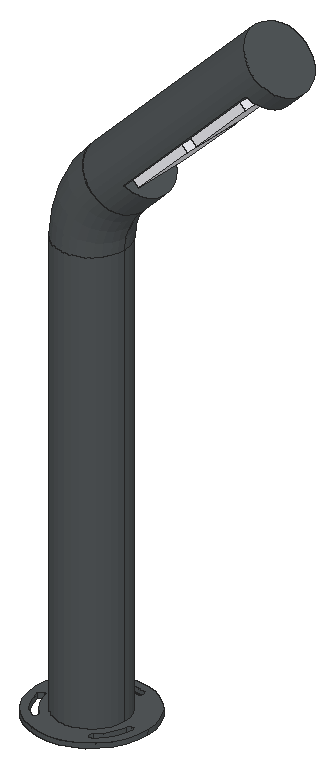
Revit family "Дио_мини", category Осветительные приборы, Revit 2019 (continued)
Parameters (values of type "ДТУ932 Светодиодный светильник Дио мини ДТУ-93-AF-12Вт-0,9")
    7.0 255.3 253.9 252.2 250.4 248.9 247.2 245.7 244.0 242.1 240.1 237.8 235.0 232.4 229.9 227.5 225.5 223.6 221.6\r\n 219.6 217.8 216.3 214.8 213.4 211.9 210.4 208.8 207.2 205.3 203.2 200.8 198.4 195.8 192.8 189.8 186.5 183.0 179.4 175.5 171.5\r\n 167.7 164.0 160.4 156.9 153.4 150.2 147.2 144.4 141.5 138.7 135.6 132.5 129.6 127.0 124.4 122.1 119.7 117.5 115.5 113.7 111.8\r\n 109.9 108.0 106.0 103.9 101.9 99.6 97.1 94.6 92.1 89.7 87.2 85.1 83.0 81.0 79.0 77.0 75.1 73.0 71.0 68.9 66.9 64.7 62.8 60.7 59.1\r\n 57.3 55.8 54.0 52.7 51.2 50.0 48.8 47.8 46.8 46.1 45.3 44.6 43.9 43.3 42.7 42.2 41.5 40.9 40.3 39.7 39.0 38.2 37.6 36.9 36.4 35.8\r\n 35.3 34.9 34.3 34.0 33.4 33.0 32.6 32.2 32.2 31.9 31.7 31.6 31.4 31.7 32.4 33.3 34.8 36.5 38.3 40.9 43.7 46.7 49.9 52.8 54.7 55.7\r\n 55.6 55.1 54.5 54.4 55.4 56.5 56.9 57.2 57.5 57.8 58.5 59.2 59.5 59.0 58.3 57.7 57.0 56.8 56.7 56.5 56.1 55.0 53.5 51.7 49.5 46.8\r\n 43.3 39.1 35.3 32.1 29.3 27.0 25.0 23.1 21.2 18.6 15.7 13.0 10.6 8.8 7.7 6.9 6.2 5.5 4.9 4.4 3.8 3.4 2.8 2.2 1.8 1.6 1.5 1.4 1.4\r\n 1.3 1.3 1.2 1.2 1.2 1.1 0.2 0.0 0.0 0.0 0.0 0.0 0.0 0.0 0.0 0.0 0.0 0.0 0.0 0.0 0.0 0.0 0.0 0.0 0.0 0.0 0.0 0.0 0.0 0.0 0.0 0.0\r\n 0.0 0.0 0.0 0.0 0.0 0.0 0.0 0.0 0.0 0.0 0.0 0.0 0.0 0.0 0.0 0.0 0.0 0.0 0.0 0.0 0.0 0.0 0.0 0.0 0.0 0.0 0.0 0.0 0.0 0.0 0.0 0.0\r\n 0.0 0.0 0.0 0.0 0.0 0.0 0.0 0.0 0.0 0.0 0.0 0.0 0.0 0.0 0.0 0.0 0.0 0.0 0.0 0.0 0.0 0.0 0.0 0.0 0.0 0.0 0.0 0.0 0.0 0.0 0.0 0.0\r\n 0.0 0.0 0.0 0.0 0.0 0.0 0.0 0.0 0.0 0.0 0.0 0.0 0.0 0.0 0.0 0.0 0.0 0.0 0.0 0.0 0.0 0.0 0.0 0.0 0.0 0.0 0.0 0.0 0.0 0.0 0.0 0.0\r\n 0.0 0.0 0.0 0.0 0.0 0.0 0.0 0.0 0.0 0.0 0.0 0.0 0.0 0.0 0.0 0.0 0.0 0.0 0.0 0.0 0.0 0.0 0.0 0.0 0.0 0.0 0.0 0.0 0.0 0.0 0.0 0.0\r\n 0.0 0.0 0.0 0.0 0.0 0.0\r\n258.3 258.2 256.9 255.4 254.0 252.5 251.0 249.5 247.9 246.5 244.9 243.3 241.5 239.5 237.4 234.8 232.4 230.1 227.9 225.8 224.0\r\n 222.2 220.3 218.6 216.9 215.5 214.1 212.7 211.3 210.0 208.5 207.1 205.4 203.6 201.7 199.5 197.3 194.9 192.2 189.4 186.5 183.2\r\n 179.9 176.5 173.1 169.6 166.2 162.8 159.5 156.5 153.6 150.8 148.2 145.6 143.1 140.6 138.1 135.6 132.8 130.1 127.8 125.6 123.5\r\n 121.5 119.7 118.0 116.3 114.6 112.8 110.8 108.8 106.6 104.2 101.8 99.4 96.9 94.7 92.4 90.2 88.2 86.1 84.3 82.4 80.6 78.8 76.8\r\n 74.9 73.0 71.0 69.2 67.3 65.5 63.7 62.0 60.4 58.8 57.4 55.9 54.9 53.7 53.0 52.0 51.5 51.0 50.5 49.9 49.3 48.8 48.4 48.1 47.6 47.2\r\n 46.5 45.8 45.1 44.4 43.9 43.3 43.1 42.6 42.4 42.0 42.0 41.7 41.7 41.6 41.4 41.5 41.3 41.4 41.4 41.3 41.8 42.3 43.6 45.5 47.2 49.5\r\n 51.9 54.5 57.9 61.3 64.1 65.2 65.5 65.5 65.2 64.4 63.4 62.3 61.7 61.3 60.8 59.9 59.2 58.4 57.5 56.7 55.9 55.0 54.0 52.8 51.7 50.3\r\n 48.7 47.0 44.5 41.0 37.3 34.4 31.8 29.5 27.5 25.4 23.1 20.7 18.0 15.0 11.8 9.1 7.5 6.6 5.9 5.3 4.7 4.2 3.8 3.4 3.1 2.8 2.4 2.0\r\n 1.8 1.7 1.7 1.7 1.6 1.6 1.6 1.6 1.6 0.3 0.0 0.0 0.0 0.0 0.0 0.0 0.0 0.0 0.0 0.0 0.0 0.0 0.0 0.0 0.0 0.0 0.0 0.0 0.0 0.0 0.0 0.0\r\n 0.0 0.0 0.0 0.0 0.0 0.0 0.0 0.0 0.0 0.0 0.0 0.0 0.0 0.0 0.0 0.0 0.0 0.0 0.0 0.0 0.0 0.0 0.0 0.0 0.0 0.0 0.0 0.0 0.0 0.0 0.0 0.0\r\n 0.0 0.0 0.0 0.0 0.0 0.0 0.0 0.0 0.0 0.0 0.0 0.0 0.0 0.0 0.0 0.0 0.0 0.0 0.0 0.0 0.0 0.0 0.0 0.0 0.0 0.0 0.0 0.0 0.0 0.0 0.0 0.0\r\n 0.0 0.0 0.0 0.0 0.0 0.0 0.0 0.0 0.0 0.0 0.0 0.0 0.0 0.0 0.0 0.0 0.0 0.0 0.0 0.0 0.0 0.0 0.0 0.0 0.0 0.0 0.0 0.0 0.0 0.0 0.0 0.0\r\n 0.0 0.0 0.0 0.0 0.0 0.0 0.0 0.0 0.0 0.0 0.0 0.0 0.0 0.0 0.0 0.0 0.0 0.0 0.0 0.0 0.0 0.0 0.0 0.0 0.0 0.0 0.0 0.0 0.0 0.0 0.0 0.0\r\n 0.0 0.0 0.0 0.0 0.0 0.0 0.0 0.0 0.0\r\n258.3 258.1 256.9 255.5 254.2 252.8 251.5 250.0 248.6 247.3 245.9 244.3 242.8 241.1 239.2 237.2 234.9 232.5 230.4 228.3 226.5\r\n 224.6 222.8 221.1 219.4 217.8 216.2 214.9 213.7 212.6 211.3 210.1 208.8 207.5 206.0 204.6 202.9 201.1 199.3 197.2 194.9 192.5\r\n 190.0 187.4 184.9 182.1 179.1 176.2 173.2 170.2 167.3 164.6 161.9 159.3 156.7 154.2 151.8 149.6 147.4 145.1 142.8 140.6 138.4\r\n 136.0 133.6 131.4 129.2 127.2 125.8 124.2 122.8 121.3 119.9 118.2 116.7 114.9 113.1 111.3 109.4 107.5 105.8 104.0 102.2 100.3\r\n 98.6 96.8 95.0 93.4 91.7 89.9 88.2 86.6 85.0 83.5 82.0 80.7 79.6 78.3 77.5 76.7 75.7 74.8 73.7 72.7 71.8 71.0 70.4 69.6 69.0 68.2\r\n 67.5 66.8 66.2 65.8 65.2 64.9 64.4 64.1 63.6 63.5 63.1 63.0 62.7 62.7 62.5 62.6 62.4 62.5 62.4 62.8 62.9 63.3 63.5 63.7 64.0 64.1\r\n 64.5 64.8 65.6 66.4 67.1 68.9 70.1 71.3 72.5 73.5 74.7 75.9 77.2 78.0 77.8 76.9 75.5 73.1 70.7 68.2 65.1 61.9 59.2 57.1 55.5 53.5\r\n 50.8 47.8 44.9 42.1 39.5 37.1 34.6 31.8 29.2 27.4 25.9 24.1 22.0 19.7 17.3 14.5 11.2 8.5 6.8 6.0 5.4 4.8 4.4 4.0 3.6 3.2 3.0 2.9\r\n 2.7 2.5 2.3 2.2 2.1 2.1 2.1 2.2 2.2 2.2 1.9 0.2 0.0 0.0 0.0 0.0 0.0 0.0 0.0 0.0 0.0 0.0 0.0 0.0 0.0 0.0 0.0 0.0 0.0 0.0 0.0 0.0\r\n 0.0 0.0 0.0 0.0 0.0 0.0 0.0 0.0 0.0 0.0 0.0 0.0 0.0 0.0 0.0 0.0 0.0 0.0 0.0 0.0 0.0 0.0 0.0 0.0 0.0 0.0 0.0 0.0 0.0 0.0 0.0 0.0\r\n 0.0 0.0 0.0 0.0 0.0 0.0 0.0 0.0 0.0 0.0 0.0 0.0 0.0 0.0 0.0 0.0 0.0 0.0 0.0 0.0 0.0 0.0 0.0 0.0 0.0 0.0 0.0 0.0 0.0 0.0 0.0 0.0\r\n 0.0 0.0 0.0 0.0 0.0 0.0 0.0 0.0 0.0 0.0 0.0 0.0 0.0 0.0 0.0 0.0 0.0 0.0 0.0 0.0 0.0 0.0 0.0 0.0 0.0 0.0 0.0 0.0 0.0 0.0 0.0 0.0\r\n 0.0 0.0 0.0 0.0 0.0 0.0 0.0 0.0 0.0 0.0 0.0 0.0 0.0 0.0 0.0 0.0 0.0 0.0 0.0 0.0 0.0 0.0 0.0 0.0 0.0 0.0 0.0 0.0 0.0 0.0 0.0 0.0\r\n 0.0 0.0 0.0 0.0 0.0 0.0 0.0 0.0 0.0 0.0 0.0\r\n258.3 258.1 256.9 255.7 254.5 253.2 252.0 250.8 249.5 248.3 246.9 245.6 244.3 242.8 241.3 239.6 237.8 235.8 233.7 231.7 229.7\r\n 227.8 226.1 224.3 222.7 221.3 219.7 218.3 216.9 215.7 214.5 213.4 212.3 211.2 210.1 209.0 208.0 206.8 205.5 204.1 202.6 201.1\r\n 199.5 197.7 196.1 194.2 192.2 190.2 188.0 185.8 183.6 181.3 179.1 176.9 174.5 172.1 169.8 167.5 165.3 163.1 160.9 158.7 156.5\r\n 154.6 152.8 150.9 149.3 147.6 145.9 144.4 142.7 141.1 139.7 138.3 136.9 135.6 134.5 133.4 132.2 131.3 130.1 128.8 127.4 126.0\r\n 124.6 123.0 121.3 119.8 118.2 116.7 115.2 113.7 112.3 111.2 110.2 109.3 108.5 107.9 107.0 106.0 104.8 103.6 102.7 101.7 100.5\r\n 99.2 97.9 96.7 95.5 94.6 93.9 93.3 92.9 92.6 92.4 92.4 92.2 92.3 92.3 92.3 92.5 92.8 93.1 93.2 93.5 93.6 93.8 93.9 93.9 93.9 94.0\r\n 94.1 94.4 94.6 94.7 95.0 95.3 95.5 95.4 95.2 94.8 94.4 93.7 92.5 91.1 89.3 87.1 84.6 81.5 78.9 76.3 73.7 71.3 69.2 67.2 65.1 62.7\r\n 60.3 58.1 55.6 53.1 50.8 48.8 46.7 44.6 42.5 40.9 39.3 37.6 36.1 34.3 32.0 29.6 27.0 24.3 21.9 19.8 17.5 14.5 11.3 8.7 7.4 6.4\r\n 5.4 4.5 3.9 3.5 3.2 3.0 2.8 2.8 2.8 2.6 2.5 2.4 2.4 2.4 2.5 2.7 2.7 2.3 0.3 0.0 0.0 0.0 0.0 0.0 0.0 0.0 0.0 0.0 0.0 0.0 0.0 0.0\r\n 0.0 0.0 0.0 0.0 0.0 0.0 0.0 0.0 0.0 0.0 0.0 0.0 0.0 0.0 0.0 0.0 0.0 0.0 0.0 0.0 0.0 0.0 0.0 0.0 0.0 0.0 0.0 0.0 0.0 0.0 0.0 0.0\r\n 0.0 0.0 0.0 0.0 0.0 0.0 0.0 0.0 0.0 0.0 0.0 0.0 0.0 0.0 0.0 0.0 0.0 0.0 0.0 0.0 0.0 0.0 0.0 0.0 0.0 0.0 0.0 0.0 0.0 0.0 0.0 0.0\r\n 0.0 0.0 0.0 0.0 0.0 0.0 0.0 0.0 0.0 0.0 0.0 0.0 0.0 0.0 0.0 0.0 0.0 0.0 0.0 0.0 0.0 0.0 0.0 0.0 0.0 0.0 0.0 0.0 0.0 0.0 0.0 0.0\r\n 0.0 0.0 0.0 0.0 0.0 0.0 0.0 0.0 0.0 0.0 0.0 0.0 0.0 0.0 0.0 0.0 0.0 0.0 0.0 0.0 0.0 0.0 0.0 0.0 0.0 0.0 0.0 0.0 0.0 0.0 0.0 0.0\r\n 0.0 0.0 0.0 0.0 0.0 0.0 0.0 0.0 0.0 0.0 0.0 0.0 0.0 0.0 0.0 0.0 0.0 0.0\r\n258.3 258.0 257.0 255.8 254.8 253.8 252.6 251.6 250.3 249.3 247.9 246.8 245.6 244.3 243.0 241.6 240.2 238.6 237.1 235.2 233.4\r\n 231.6 229.7 228.1 226.5 225.0 223.6 222.3 221.0 219.6 218.3 217.0 215.9 214.8 213.9 213.1 212.0 211.1 210.2 209.2 208.3 207.4\r\n 206.3 205.3 204.1 203.0 201.8 200.4 199.3 197.9 196.7 195.2 193.8 192.3 190.8 189.2 187.6 186.0 184.4 182.8 181.1 179.4 177.9\r\n 176.3 174.8 173.2 171.7 170.1 168.7 167.2 165.9 164.5 163.3 162.1 160.9 159.7 158.7 157.6 156.6 155.7 155.0 154.1 153.3 152.4\r\n 151.4 150.3 149.1 148.1 147.1 145.8 144.7 143.8 142.8 142.0 141.7 140.9 140.1 139.1 138.0 137.0 136.2 135.3 134.3 133.3 132.2\r\n 131.4 130.9 130.4 129.8 129.5 129.2 128.8 128.5 128.3 128.0 127.9 127.9 128.0 128.1 128.1 128.1 128.2 128.4 128.3 128.2 128.0\r\n 127.3 126.9 126.4 126.1 126.1 126.2 126.5 126.6 126.9 127.1 127.6 127.7 127.1 126.3 125.0 123.5 121.6 119.4 116.8 113.5 110.0\r\n 106.0 101.6 97.1 92.8 88.0 82.3 76.1 69.5 64.0 59.4 55.8 52.6 49.3 46.3 43.8 41.5 39.1 36.7 34.5 32.3 30.1 27.9 25.6 23.7 22.1\r\n 20.7 19.1 17.2 15.3 13.5 11.8 10.2 8.7 7.4 6.4 5.6 4.9 4.2 3.8 3.3 3.0 2.9 2.8 2.7 2.7 2.6 2.6 2.5 2.5 2.5 2.7 2.9 3.0 2.6 0.3\r\n 0.0 0.0 0.0 0.0 0.0 0.0 0.0 0.0 0.0 0.0 0.0 0.0 0.0 0.0 0.0 0.0 0.0 0.0 0.0 0.0 0.0 0.0 0.0 0.0 0.0 0.0 0.0 0.0 0.0 0.0 0.0 0.0\r\n 0.0 0.0 0.0 0.0 0.0 0.0 0.0 0.0 0.0 0.0 0.0 0.0 0.0 0.0 0.0 0.0 0.0 0.0 0.0 0.0 0.0 0.0 0.0 0.0 0.0 0.0 0.0 0.0 0.0 0.0 0.0 0.0\r\n 0.0 0.0 0.0 0.0 0.0 0.0 0.0 0.0 0.0 0.0 0.0 0.0 0.0 0.0 0.0 0.0 0.0 0.0 0.0 0.0 0.0 0.0 0.0 0.0 0.0 0.0 0.0 0.0 0.0 0.0 0.0 0.0\r\n 0.0 0.0 0.0 0.0 0.0 0.0 0.0 0.0 0.0 0.0 0.0 0.0 0.0 0.0 0.0 0.0 0.0 0.0 0.0 0.0 0.0 0.0 0.0 0.0 0.0 0.0 0.0 0.0 0.0 0.0 0.0 0.0\r\n 0.0 0.0 0.0 0.0 0.0 0.0 0.0 0.0 0.0 0.0 0.0 0.0 0.0 0.0 0.0 0.0 0.0 0.0 0.0 0.0 0.0 0.0 0.0 0.0 0.0 0.0 0.0 0.0 0.0 0.0 0.0\r\n258.3 258.0 257.1 256.1 255.2 254.4 253.4 252.4 251.5 250.4 249.3 248.3 247.3 246.1 244.9 243.8 242.7 241.4 240.2 238.9 237.5\r\n 236.0 234.4 232.9 231.3 229.8 228.4 227.1 225.7 224.5 223.4 222.1 221.1 219.9 218.9 217.8 216.8 215.9 215.1 214.3 213.7 213.0\r\n 212.1 211.4 210.8 210.2 209.4 208.8 208.2 207.6 206.9 206.4 205.9 205.3 204.7 204.1 203.3 202.7 202.0 201.4 200.5 199.9 199.0\r\n 198.2 197.3 196.6 195.6 194.7 193.9 192.9 192.1 191.1 190.1 189.2 188.4 187.6 186.8 186.1 185.4 184.6 184.0 183.5 182.9 182.3\r\n 181.6 181.2 181.0 180.9 180.6 180.6 180.5 180.3 180.4 180.2 179.7 178.9 178.1 177.3 176.5 175.8 174.9 173.9 172.9 172.1 171.5\r\n 170.9 170.4 169.9 169.6 169.5 169.7 169.8 169.8 169.7 169.6 169.8 170.0 170.3 170.8 171.4 171.8 172.0 171.9 171.8 171.5 171.1\r\n 171.0 170.7 170.2 169.7 169.2 168.7 168.1 167.8 167.5 167.3 167.0 166.5 165.3 163.8 161.4 158.4 154.9 150.3 145.5 140.1 134.4\r\n 128.6 122.6 116.1 109.6 103.2 96.8 91.0 84.8 78.1 71.0 64.3 59.0 54.3 49.3 44.6 40.7 37.9 35.5 32.9 30.0 27.2 24.1 20.9 17.7 15.3\r\n 13.8 12.5 11.2 9.9 8.8 7.7 6.9 6.3 5.7 5.1 4.6 4.1 3.7 3.3 3.0 2.8 2.7 2.6 2.6 2.6 2.6 2.6 2.6 2.6 2.7 2.8 2.9 3.0 2.6 0.3 0.0\r\n 0.0 0.0 0.0 0.0 0.0 0.0 0.0 0.0 0.0 0.0 0.0 0.0 0.0 0.0 0.0 0.0 0.0 0.0 0.0 0.0 0.0 0.0 0.0 0.0 0.0 0.0 0.0 0.0 0.0 0.0 0.0 0.0\r\n 0.0 0.0 0.0 0.0 0.0 0.0 0.0 0.0 0.0 0.0 0.0 0.0 0.0 0.0 0.0 0.0 0.0 0.0 0.0 0.0 0.0 0.0 0.0 0.0 0.0 0.0 0.0 0.0 0.0 0.0 0.0 0.0\r\n 0.0 0.0 0.0 0.0 0.0 0.0 0.0 0.0 0.0 0.0 0.0 0.0 0.0 0.0 0.0 0.0 0.0 0.0 0.0 0.0 0.0 0.0 0.0 0.0 0.0 0.0 0.0 0.0 0.0 0.0 0.0 0.0\r\n 0.0 0.0 0.0 0.0 0.0 0.0 0.0 0.0 0.0 0.0 0.0 0.0 0.0 0.0 0.0 0.0 0.0 0.0 0.0 0.0 0.0 0.0 0.0 0.0 0.0 0.0 0.0 0.0 0.0 0.0 0.0 0.0\r\n 0.0 0.0 0.0 0.0 0.0 0.0 0.0 0.0 0.0 0.0 0.0 0.0 0.0 0.0 0.0 0.0 0.0 0.0 0.0 0.0 0.0 0.0 0.0 0.0 0.0 0.0 0.0 0.0 0.0 0.0\r\n258.3 258.0 257.2 256.4 255.7 255.0 254.2 253.4 252.6 251.7 250.8 249.8 248.8 247.9 246.9 245.9 244.9 243.9 242.9 241.8 240.7\r\n 239.6 238.5 237.4 236.2 235.0 233.8 232.5 231.2 230.0 228.9 227.8 226.9 225.9 224.9 223.9 222.9 222.0 221.2 220.2 219.4 218.7\r\n 217.9 217.4 217.0 216.6 216.3 215.9 215.7 215.5 215.4 215.3 215.4 215.3 215.3 215.1 215.1 215.1 214.8 214.7 214.5 214.4 214.2\r\n 214.0 213.9 213.7 213.6 213.3 213.2 212.9 212.8 212.6 212.7 212.5 212.5 212.3 212.1 211.9 211.9 211.9 212.1 212.3 212.5 212.6\r\n 212.9 213.3 213.8 214.4 214.9 215.6 216.3 216.8 217.1 217.0 216.9 216.9 216.6 216.2 215.6 214.8 214.4 214.1 213.8 213.6 213.6\r\n 213.9 214.2 214.6 215.3 215.9 216.4 217.0 217.9 218.8 219.8 220.6 221.1 221.4 221.5 221.2 220.8 220.6 220.8 220.6 220.2 219.7\r\n 218.9 217.5 216.1 214.7 213.4 211.8 210.3 208.7 207.3 205.7 203.8 201.6 198.3 194.8 190.9 186.4 181.6 177.2 172.0 166.1 159.8\r\n 153.6 147.2 140.4 132.9 125.1 116.3 107.9 99.6 91.4 82.4 73.4 64.9 57.4 50.2 44.2 38.0 32.4 27.7 24.1 21.4 18.8 16.3 13.8 11.6\r\n 10.1 9.1 8.4 7.8 7.2 6.7 6.0 5.4 4.9 4.6 4.2 3.9 3.6 3.4 3.2 3.1 2.9 2.8 2.8 2.8 2.7 2.7 2.7 2.7 2.8 2.9 3.0 3.1 3.3 2.9 0.1 0.0\r\n 0.0 0.0 0.0 0.0 0.0 0.0 0.0 0.0 0.0 0.0 0.0 0.0 0.0 0.0 0.0 0.0 0.0 0.0 0.0 0.0 0.0 0.0 0.0 0.0 0.0 0.0 0.0 0.0 0.0 0.0 0.0 0.0\r\n 0.0 0.0 0.0 0.0 0.0 0.0 0.0 0.0 0.0 0.0 0.0 0.0 0.0 0.0 0.0 0.0 0.0 0.0 0.0 0.0 0.0 0.0 0.0 0.0 0.0 0.0 0.0 0.0 0.0 0.0 0.0 0.0\r\n 0.0 0.0 0.0 0.0 0.0 0.0 0.0 0.0 0.0 0.0 0.0 0.0 0.0 0.0 0.0 0.0 0.0 0.0 0.0 0.0 0.0 0.0 0.0 0.0 0.0 0.0 0.0 0.0 0.0 0.0 0.0 0.0\r\n 0.0 0.0 0.0 0.0 0.0 0.0 0.0 0.0 0.0 0.0 0.0 0.0 0.0 0.0 0.0 0.0 0.0 0.0 0.0 0.0 0.0 0.0 0.0 0.0 0.0 0.0 0.0 0.0 0.0 0.0 0.0 0.0\r\n 0.0 0.0 0.0 0.0 0.0 0.0 0.0 0.0 0.0 0.0 0.0 0.0 0.0 0.0 0.0 0.0 0.0 0.0 0.0 0.0 0.0 0.0 0.0 0.0 0.0 0.0 0.0 0.0 0.0 0.0\r\n258.3 258.0 257.4 256.8 256.1 255.6 255.1 254.5 253.9 253.0 252.3 251.5 250.8 249.9 249.1 248.4 247.4 246.6 245.7 244.8 244.0\r\n 243.2 242.2 241.4 240.6 239.8 238.9 238.0 237.1 236.2 235.5 234.7 233.7 232.8 231.9 231.0 230.2 229.4 228.6 227.9 227.3 226.7\r\n 226.2 225.6 225.2 224.7 224.4 224.1 223.8 223.7 223.7 223.6 223.8 223.9 224.0 224.3 224.4 224.4 224.5 224.6 224.8 225.0 225.3\r\n 225.6 225.8 226.2 226.5 226.8 227.3 227.7 228.1 228.6 229.1 229.5 230.0 230.5 231.1 231.8 232.6 233.3 233.8 234.8 235.5 236.3\r\n 237.3 238.4 239.8 241.1 242.6 243.7 244.5 244.7 245.3 245.4 245.8 245.7 245.6 245.4 245.3 245.3 245.6 246.1 246.8 247.9 249.0\r\n 250.2 251.8 253.2 254.9 256.6 258.1 259.5 260.8 261.9 262.6 263.3 264.0 263.9 263.9 263.7 263.4 263.1 263.0 262.8 262.5 261.4\r\n 260.2 258.7 257.2 255.4 253.4 250.8 248.4 245.8 243.1 240.5 237.6 234.1 230.0 225.7 221.4 217.0 212.1 206.5 200.4 194.1 187.6\r\n 179.0 169.9 160.6 150.6 140.3 130.4 120.9 110.3 98.3 84.7 72.6 62.1 52.7 43.9 36.1 30.0 25.5 21.5 17.8 14.6 12.4 10.9 10.1 9.3\r\n 8.6 8.0 7.5 6.9 6.7 6.3 5.6 5.1 4.7 4.5 4.3 4.0 3.7 3.5 3.4 3.2 3.0 2.9 2.9 2.9 2.9 2.9 2.9 3.0 3.0 3.1 3.2 3.3 3.5 3.3 0.5 0.0\r\n 0.0 0.0 0.0 0.0 0.0 0.0 0.0 0.0 0.0 0.0 0.0 0.0 0.0 0.0 0.0 0.0 0.0 0.0 0.0 0.0 0.0 0.0 0.0 0.0 0.0 0.0 0.0 0.0 0.0 0.0 0.0 0.0\r\n 0.0 0.0 0.0 0.0 0.0 0.0 0.0 0.0 0.0 0.0 0.0 0.0 0.0 0.0 0.0 0.0 0.0 0.0 0.0 0.0 0.0 0.0 0.0 0.0 0.0 0.0 0.0 0.0 0.0 0.0 0.0 0.0\r\n 0.0 0.0 0.0 0.0 0.0 0.0 0.0 0.0 0.0 0.0 0.0 0.0 0.0 0.0 0.0 0.0 0.0 0.0 0.0 0.0 0.0 0.0 0.0 0.0 0.0 0.0 0.0 0.0 0.0 0.0 0.0 0.0\r\n 0.0 0.0 0.0 0.0 0.0 0.0 0.0 0.0 0.0 0.0 0.0 0.0 0.0 0.0 0.0 0.0 0.0 0.0 0.0 0.0 0.0 0.0 0.0 0.0 0.0 0.0 0.0 0.0 0.0 0.0 0.0 0.0\r\n 0.0 0.0 0.0 0.0 0.0 0.0 0.0 0.0 0.0 0.0 0.0 0.0 0.0 0.0 0.0 0.0 0.0 0.0 0.0 0.0 0.0 0.0 0.0 0.0 0.0 0.0 0.0 0.0 0.0 0.0\r\n258.3 258.1 257.6 257.2 256.8 256.4 256.0 255.5 255.0 254.5 253.9 253.2 252.6 252.0 251.4 250.8 250.0 249.3 248.6 247.9 247.3\r\n 246.7 246.1 245.4 244.7 244.1 243.4 242.8 242.0 241.5 241.0 240.5 240.0 239.4 238.9 238.4 237.8 237.3 236.9 236.3 235.8 235.4\r\n 235.0 234.6 234.3 234.1 234.0 234.1 234.1 234.1 234.1 234.3 234.4 234.5 234.6 234.6 234.7 234.7 234.7 234.9 235.1 235.3 235.5\r\n 235.8 236.2 236.7 237.4 238.0 238.8 239.5 240.2 240.9 241.6 242.4 243.3 244.2 245.1 246.3 247.3 248.4 249.5 250.8 251.9 253.1\r\n 254.7 256.6 258.4 260.4 262.1 263.0 263.6 264.3 265.0 265.6 266.0 266.3 266.5 267.0 267.6 268.5 269.6 271.1 272.8 274.5 276.6\r\n 278.7 281.0 283.1 285.3 287.1 288.7 290.0 291.0 291.8 292.4 292.8 293.3 293.7 293.8 293.6 293.4 293.4 293.1 292.5 291.5 290.4\r\n 288.8 287.2 285.3 283.2 281.0 278.8 276.5 274.3 271.9 269.1 265.8 261.8 257.4 252.7 248.1 243.0 236.4 228.3 219.4 210.2 199.9\r\n 189.7 178.8 168.0 158.5 148.7 135.9 120.8 104.6 89.5 75.0 62.5 51.7 41.9 33.5 27.1 21.8 17.8 14.8 12.6 11.4 10.4 9.9 9.3 8.6 7.9\r\n 7.6 7.1 6.7 6.5 6.2 5.6 5.2 4.8 4.6 4.4 4.1 3.8 3.7 3.5 3.4 3.2 3.1 3.0 3.0 3.0 3.0 3.0 3.1 3.2 3.2 3.2 3.4 3.6 3.3 0.3 0.0 0.0\r\n 0.0 0.0 0.0 0.0 0.0 0.0 0.0 0.0 0.0 0.0 0.0 0.0 0.0 0.0 0.0 0.0 0.0 0.0 0.0 0.0 0.0 0.0 0.0 0.0 0.0 0.0 0.0 0.0 0.0 0.0 0.0 0.0\r\n 0.0 0.0 0.0 0.0 0.0 0.0 0.0 0.0 0.0 0.0 0.0 0.0 0.0 0.0 0.0 0.0 0.0 0.0 0.0 0.0 0.0 0.0 0.0 0.0 0.0 0.0 0.0 0.0 0.0 0.0 0.0 0.0\r\n 0.0 0.0 0.0 0.0 0.0 0.0 0.0 0.0 0.0 0.0 0.0 0.0 0.0 0.0 0.0 0.0 0.0 0.0 0.0 0.0 0.0 0.0 0.0 0.0 0.0 0.0 0.0 0.0 0.0 0.0 0.0 0.0\r\n 0.0 0.0 0.0 0.0 0.0 0.0 0.0 0.0 0.0 0.0 0.0 0.0 0.0 0.0 0.0 0.0 0.0 0.0 0.0 0.0 0.0 0.0 0.0 0.0 0.0 0.0 0.0 0.0 0.0 0.0 0.0 0.0\r\n 0.0 0.0 0.0 0.0 0.0 0.0 0.0 0.0 0.0 0.0 0.0 0.0 0.0 0.0 0.0 0.0 0.0 0.0 0.0 0.0 0.0 0.0 0.0 0.0 0.0 0.0 0.0 0.0 0.0\r\n258.3 258.1 257.8 257.6 257.4 257.1 257.0 256.6 256.3 255.8 255.4 255.0 254.6 254.1 253.7 253.2 25
    2.6 252.2 251.8 251.3 250.9\r\n 250.4 249.9 249.6 249.2 248.7 248.3 247.9 247.3 247.0 246.6 246.3 246.1 245.8 245.5 245.3 245.0 244.9 244.8 244.6 244.5 244.5\r\n 244.4 244.4 244.5 244.5 244.6 244.7 244.7 244.9 245.0 245.3 245.5 245.6 245.7 245.8 245.9 246.3 246.6 246.9 247.3 247.7 248.2\r\n 248.7 249.2 249.7 250.3 251.1 251.7 252.3 252.9 253.6 254.4 255.1 256.0 257.0 257.9 259.0 260.1 261.3 262.6 263.8 265.2 266.7\r\n 268.6 270.9 273.4 275.7 277.4 278.5 279.5 280.5 281.6 282.4 283.2 284.0 284.9 286.3 287.9 289.7 291.6 293.7 295.9 298.2 300.6\r\n 303.0 305.4 307.6 309.6 311.2 312.5 313.5 314.2 314.7 315.0 315.2 315.4 315.4 315.1 314.6 314.1 313.5 313.0 312.4 311.8 310.5\r\n 309.2 308.3 306.8 304.8 302.9 300.8 297.7 294.0 290.5 286.6 281.8 276.8 271.8 265.9 259.0 250.8 241.4 231.7 221.4 211.0 200.7\r\n 190.4 180.7 172.1 162.4 150.0 134.0 115.8 98.3 83.0 68.6 55.5 43.8 34.4 27.3 22.1 18.1 15.2 13.1 12.0 11.3 10.6 10.0 9.4 8.7 8.1\r\n 7.7 7.2 6.9 6.6 6.2 5.7 5.3 5.0 4.8 4.6 4.3 4.0 3.8 3.7 3.5 3.2 3.0 3.0 3.0 3.0 3.0 3.0 3.1 3.1 3.2 3.2 3.3 3.4 2.8 0.6 0.0 0.0\r\n 0.0 0.0 0.0 0.0 0.0 0.0 0.0 0.0 0.0 0.0 0.0 0.0 0.0 0.0 0.0 0.0 0.0 0.0 0.0 0.0 0.0 0.0 0.0 0.0 0.0 0.0 0.0 0.0 0.0 0.0 0.0 0.0\r\n 0.0 0.0 0.0 0.0 0.0 0.0 0.0 0.0 0.0 0.0 0.0 0.0 0.0 0.0 0.0 0.0 0.0 0.0 0.0 0.0 0.0 0.0 0.0 0.0 0.0 0.0 0.0 0.0 0.0 0.0 0.0 0.0\r\n 0.0 0.0 0.0 0.0 0.0 0.0 0.0 0.0 0.0 0.0 0.0 0.0 0.0 0.0 0.0 0.0 0.0 0.0 0.0 0.0 0.0 0.0 0.0 0.0 0.0 0.0 0.0 0.0 0.0 0.0 0.0 0.0\r\n 0.0 0.0 0.0 0.0 0.0 0.0 0.0 0.0 0.0 0.0 0.0 0.0 0.0 0.0 0.0 0.0 0.0 0.0 0.0 0.0 0.0 0.0 0.0 0.0 0.0 0.0 0.0 0.0 0.0 0.0 0.0 0.0\r\n 0.0 0.0 0.0 0.0 0.0 0.0 0.0 0.0 0.0 0.0 0.0 0.0 0.0 0.0 0.0 0.0 0.0 0.0 0.0 0.0 0.0 0.0 0.0 0.0 0.0 0.0 0.0 0.0 0.0\r\n258.3 258.2 258.0 258.0 258.0 257.9 257.8 257.7 257.5 257.2 257.1 256.8 256.6 256.1 255.9 255.6 255.3 255.0 254.7 254.4 254.2\r\n 254.0 253.7 253.4 253.2 253.0 252.8 252.6 252.4 252.3 252.3 252.2 252.2 252.1 252.0 252.1 252.2 252.3 252.5 252.6 252.8 253.0\r\n 253.4 253.7 254.1 254.5 254.8 255.2 255.6 256.1 256.7 257.2 257.8 258.4 258.9 259.4 260.0 260.6 261.3 261.9 262.6 263.2 263.7\r\n 264.5 265.1 265.9 266.6 267.5 268.2 269.0 269.9 270.5 271.3 272.5 273.6 274.7 276.0 277.0 278.4 279.7 281.0 282.2 283.9 285.6\r\n 287.9 290.4 293.6 296.4 298.3 299.9 301.2 302.6 304.2 305.4 306.6 307.8 309.5 311.4 313.5 315.9 318.3 320.8 323.3 325.8 328.5\r\n 331.1 333.3 335.3 336.9 337.9 338.8 339.3 339.5 339.4 339.2 339.0 338.6 338.3 338.1 338.0 338.0 337.8 337.3 336.5 334.9 333.3\r\n 332.1 331.1 328.9 326.7 323.9 320.0 314.8 309.1 304.2 299.6 295.0 289.7 283.3 275.7 267.6 258.7 250.3 240.8 229.4 216.5 205.4\r\n 197.9 190.6 180.1 166.6 150.7 132.9 115.6 100.1 84.6 69.1 52.8 39.8 30.7 24.2 19.8 16.3 14.1 12.8 12.0 11.1 10.3 9.6 9.0 8.3 7.6\r\n 7.1 6.8 6.6 6.3 5.8 5.4 4.9 4.7 4.5 4.4 4.2 4.0 3.8 3.7 3.4 3.1 3.0 2.9 2.9 2.9 2.9 3.0 3.0 3.0 3.0 3.0 3.0 3.0 3.0 0.0 0.0 0.0\r\n 0.0 0.0 0.0 0.0 0.0 0.0 0.0 0.0 0.0 0.0 0.0 0.0 0.0 0.0 0.0 0.0 0.0 0.0 0.0 0.0 0.0 0.0 0.0 0.0 0.0 0.0 0.0 0.0 0.0 0.0 0.0 0.0\r\n 0.0 0.0 0.0 0.0 0.0 0.0 0.0 0.0 0.0 0.0 0.0 0.0 0.0 0.0 0.0 0.0 0.0 0.0 0.0 0.0 0.0 0.0 0.0 0.0 0.0 0.0 0.0 0.0 0.0 0.0 0.0 0.0\r\n 0.0 0.0 0.0 0.0 0.0 0.0 0.0 0.0 0.0 0.0 0.0 0.0 0.0 0.0 0.0 0.0 0.0 0.0 0.0 0.0 0.0 0.0 0.0 0.0 0.0 0.0 0.0 0.0 0.0 0.0 0.0 0.0\r\n 0.0 0.0 0.0 0.0 0.0 0.0 0.0 0.0 0.0 0.0 0.0 0.0 0.0 0.0 0.0 0.0 0.0 0.0 0.0 0.0 0.0 0.0 0.0 0.0 0.0 0.0 0.0 0.0 0.0 0.0 0.0 0.0\r\n 0.0 0.0 0.0 0.0 0.0 0.0 0.0 0.0 0.0 0.0 0.0 0.0 0.0 0.0 0.0 0.0 0.0 0.0 0.0 0.0 0.0 0.0 0.0 0.0 0.0 0.0 0.0 0.0 0.0\r\n"
  built-in parameter 1150133 = 10 (stored number, unit not read)
  Wattage = 8.88638 W
  Материал рассеивателя = size_lookup(Таблица выбора, "M2", " ", ADSK_Артикул, ADSK_Размер_Высота)  # "Светотехнический ПК"
  built-in parameter 1150139 = (empty or 0)
  Корпус светильника = Антрацит
  Рассеиватель = Белый_светодиод
  Короб_Диаметр = 20 mm
  Климатическая зона = size_lookup(Таблица выбора, "TT", " ", ADSK_Артикул, ADSK_Размер_Высота)  # "УХЛ1"
  Класс пожароопасности = size_lookup(Таблица выбора, "F", " ", ADSK_Артикул, ADSK_Размер_Высота)  # "F (светильники предназначены для установки непосредственно на поверхность из нормально воспламеняемых материалов)"
  Класс защиты = size_lookup(Таблица выбора, "K", " ", ADSK_Артикул, ADSK_Размер_Высота)  # "1"
  built-in parameter 1150138 = (empty or 0)
  built-in parameter 1150107 = 3200 (stored number, unit not read)
  built-in parameter 1150102 = (empty or 0)
  Блок аварийного питания = no
  a_отступ точки освещения = 170 mm
  R_столб = D_столб / 2  # 44.5 mm
  R_поворот столба = 95 mm
  R_поворот = 119.9 mm  # constant formula
  L_поворот = R_поворот + R_столб  # 164.4 mm
  L_отступ до центра = 1000 mm
  L_отступ до конечной точки = 1500 mm
  IP Class = size_lookup(Таблица выбора, "I", " ", ADSK_Артикул, ADSK_Размер_Высота)  # "IP 67"
  H_фланец = 6 mm
  H_точки освещения = 170 mm
  H_столб = ADSK_Размер_Высота - Понижение  # 570 mm
  H_конечной точки = 1500 mm
  H_дверка = 860 mm
  D_фланец = 150 mm
  D_столб = 89 mm
  Angle = 45.00°
  ADSK_Энергоэффективность = size_lookup(Таблица выбора, "E", 0 lm/W, ADSK_Артикул, ADSK_Размер_Высота)  # 110 lm/W
  ADSK_Фактическая мощность = size_lookup(Таблица выбора, "EF", 0 W, ADSK_Артикул, ADSK_Размер_Высота)  # 10 W
  ADSK_Ток = 0 A
  ADSK_Размер_Высота = 900 mm
  ADSK_Примечание = ""
  ADSK_Полная мощность = 0 VA
  ADSK_Позиция = ""
  ADSK_Номинальная мощность = size_lookup(Таблица выбора, "ER", 0 W, ADSK_Артикул, ADSK_Размер_Высота)  # 12 W
  ADSK_Напряжение = 220 V  # constant formula
  ADSK_Наименование = size_lookup(Таблица выбора, "N", " ", ADSK_Артикул, ADSK_Размер_Высота)  # "ДТУ932 Светодиодный светильник Дио мини ДТУ-93-AF-12Вт-0.9"
  ADSK_Модель = size_lookup(Таблица выбора, "M", " ", ADSK_Артикул, ADSK_Размер_Высота)  # "Дио мини ДТУ-93-AF"
  ADSK_Масса_Текст = size_lookup(Таблица выбора, "M1", " ", ADSK_Артикул, ADSK_Размер_Высота)  # "8"
  ADSK_Масса = size_lookup(Таблица выбора, "MAS", 0, ADSK_Артикул, ADSK_Размер_Высота)  # 8
  ADSK_Коэффициент мощности = 0
  ADSK_Количество фаз числовое = 0
  ADSK_Количество фаз = 2  # constant formula
  ADSK_Код изделия = ""
  ADSK_Классификация нагрузок [instance] = Освещение
  ADSK_Завод-изготовитель = "ALFRESCO"  # constant formula
  ADSK_Единица измерения = "шт."  # constant formula
  ADSK_Артикул = "ДТУ932"
  ADSK_URL страницы изделия = "https://www.allfresco.ru/catalog/dekorativnoe_ulichnoe_osveshchenie/skaylayn/"
Reference planes
  plane 1 "По центру (Вперед/Назад)": y = 0
  plane 2: z = 0
  plane 3 "По центру (Влево/Вправо)": x = 0
  plane 4: z = 6
  plane 5: z = 570
  plane 6: x = 95
  plane 7: z = 665
  plane 8: z = 860
  plane 9: z = 740
  plane 10: x = 119.9
  plane 11: x = -119.9
  plane 12: x = 170
Forms (mm)
  Extrusion 1, solid, material "Антрацит" <- "Корпус светильника", detail levels medium+fine
    sketch origin (0, 0, 0) x (1, 0, 0) y (0, 1, 0)
      loop
        circle (0, 0) r 44.5
    from 6 to 570
  Sweep 2, solid, material "Антрацит" <- "Корпус светильника", detail levels medium+fine
    path origin (0, 0, 0) x (1, 0, 0) y (0, 0, 1)
      loop
        arc (0, 570) -> (9.127, 615.884) -> (35.118, 654.782) r 119.9
    profile "Профиль круг : Профиль круг" origin (9.127, 0, 615.884) x (-0.92388, 0, 0.382683) y (0, -1, 0)
      loop
        circle (0, 0) r 44.5
  Extrusion 3, solid, material "Антрацит" <- "Корпус светильника", detail levels medium+fine
    sketch origin (0, 0, 0) x (1, 0, 0) y (0, 1, 0)
      loop
        circle (0, 0) r 75
      loop
        arc (21.37, 61.368) -> (-0.296, 65.086) -> (-21.963, 61.368) r 65
        arc (-21.963, 61.368) -> (-25.01, 54.988) -> (-18.63, 51.94) r 5
        arc (-18.63, 51.94) -> (-0.296, 55.086) -> (18.037, 51.94) r 55
        arc (18.037, 51.94) -> (24.418, 54.988) -> (21.37, 61.368) r 5
      loop
        arc (41.943, -49.32) -> (55.995, -32.414) -> (63.609, -11.792) r 65
        arc (63.609, -11.792) -> (59.607, -5.962) -> (53.778, -9.964) r 5
        arc (53.778, -9.964) -> (47.335, -27.414) -> (35.444, -41.719) r 55
        arc (35.444, -41.719) -> (34.893, -48.768) -> (41.943, -49.32) r 5
      loop
        arc (-42.535, -49.32) -> (-35.486, -48.768) -> (-36.037, -41.719) r 5
        arc (-36.037, -41.719) -> (-47.928, -27.414) -> (-54.37, -9.964) r 55
        arc (-54.37, -9.964) -> (-60.2, -5.962) -> (-64.202, -11.792) r 5
        arc (-64.202, -11.792) -> (-56.588, -32.414) -> (-42.535, -49.32) r 65
    from 0 to 6
Lines and regions (mm)
  model lines, detail levels coarse
    curve 1: line (-104.9, 0, 0) -> (105.9, 0, 0)
    curve 2: line (0, 0, 0) -> (0, 0, 570)
    curve 5: arc (0, 0, 570) -> (9.127, 0, 615.884) -> (35.118, 0, 654.782) r 119.9
    curve 6: line (35.118, 0, 654.782) -> (250.432, 0, 870.096)
  reference lines
    curve 3: line (119.9, 0, 570) -> (3.652, 0, 686.248)
    curve 4: line (-119.9, 0, 570) -> (-3.652, 0, 686.248)
Dimensions and locks
  "H_фланец": plane 4 to plane 2
  "H_столб": plane 5 to plane 2
  "R_поворот столба": plane 6 to plane 3 "По центру (Влево/Вправо)"
  "R_поворот столба": plane 7 to plane 5
  "H_дверка": plane 8 to plane 2
  "H_точки освещения": plane 9 to plane 5
  "R_поворот": plane 10 to plane 3 "По центру (Влево/Вправо)"
  "L_поворот": curve 3 to curve 3
  "R_поворот": plane 3 "По центру (Влево/Вправо)" to plane 11
  "L_поворот": curve 4 to curve 4
  "a_отступ точки освещения": plane 12 to plane 3 "По центру (Влево/Вправо)"
  plane 5 to plane 2 = 570 mm
  "D_столб": diameter of Extrusion 1 sketch curve
  "R_поворот": radius of Sweep 2 sketch curve
  "R_поворот": radius of curve 5
  "D_фланец": diameter of Extrusion 3 sketch curve
  locked: curve 3 to plane 5 (angle 45.00°)
  locked: plane 5 to curve 4 (angle 45.00°)
  angle plane 5 to curve 6 = 45.00°
  aligned and locked: level to plane 2
  aligned and locked: plane 3 "По центру (Влево/Вправо)" to Extrusion 1 sketch curve
  aligned and locked: plane 1 "По центру (Вперед/Назад)" to Extrusion 1 sketch curve
  aligned and locked: Extrusion 1 to plane 4
  aligned and locked: plane 5 to Extrusion 1
  aligned and locked: plane 1 "По центру (Вперед/Назад)" to nested 1
  aligned and locked: curve 1 to plane 2
  aligned and locked: plane 3 "По центру (Влево/Вправо)" to nested 2
  aligned and locked: plane 1 "По центру (Вперед/Назад)" to nested 2
  aligned and locked: curve 3 to plane 10
  aligned and locked: plane 5 to curve 3
  aligned and locked: plane 5 to Sweep 2 sketch curve
  aligned and locked: plane 3 "По центру (Влево/Вправо)" to Sweep 2 sketch curve
  aligned and locked: curve 3 to Sweep 2 sketch curve
  aligned and locked: curve 3 to nested 1
  aligned and locked: nested 1 to curve 3
  aligned and locked: curve 4 to plane 11
  aligned and locked: plane 5 to curve 4
  aligned and locked: plane 3 "По центру (Влево/Вправо)" to curve 5
  aligned and locked: nested 1 to curve 6
  aligned and locked: nested 2 to Extrusion 3 sketch curve
  aligned and locked: plane 1 "По центру (Вперед/Назад)" to Extrusion 3 sketch curve
  aligned and locked: Extrusion 3 to level
  aligned and locked: plane 4 to Extrusion 3
  aligned and locked: imposter light to plane 12
  aligned and locked: plane 9 to imposter light
Automatic sketch dimensions
  curve 2 to plane 5 = 0 mm
  curve 1 to plane 11 = 15 mm
  plane 6 to curve 1 = 10.9 mm
  Extrusion 3 sketch curve to Extrusion 3 sketch curve = 0 mm  (x20)
  Extrusion 3 sketch curve to plane 1 "По центру (Вперед/Назад)" = 0.086 mm
  Extrusion 3 sketch curve to plane 3 "По центру (Влево/Вправо)" = 0.296 mm
  Extrusion 3 sketch curve to plane 3 "По центру (Влево/Вправо)" = 20.296 mm
  Extrusion 3 sketch curve to plane 3 "По центру (Влево/Вправо)" = 39.286 mm
  plane 1 "По центру (Вперед/Назад)" to Extrusion 3 sketch curve = 10.878 mm  (x2)
  Extrusion 3 sketch curve to Extrusion 3 sketch curve = 20 mm
  plane 3 "По центру (Влево/Вправо)" to Extrusion 3 sketch curve = 19.704 mm
  plane 3 "По центру (Влево/Вправо)" to Extrusion 3 sketch curve = 38.693 mm
  Extrusion 3 sketch curve to plane 6 = 36.307 mm
  Extrusion 3 sketch curve to Extrusion 3 sketch curve = 34.641 mm  (x2)
  Extrusion 3 sketch curve to plane 1 "По центру (Вперед/Назад)" = 56.654 mm
  Extrusion 3 sketch curve to Extrusion 3 sketch curve = 1.667 mm
  Extrusion 3 sketch curve to Extrusion 3 sketch curve = 3.249 mm  (x2)
Nested families
  nested 1: "ДиоМини_светильник" at (35.118, 0, 654.782) x (0.7071, 0, -0.7071) z (0.7071, 0, 0.7071), type "ДиоМини_светильник", detail levels medium+fine
  nested 2: "УГО план" at (0, 0, 0), type "УГО план"
Connectors
  electrical at (0, 0, 0), driven by "ADSK_Количество фаз", driven by "ADSK_Классификация нагрузок", driven by "ADSK_Напряжение", driven by "ADSK_Полная мощность"
    settings: on Extrusion 3, index 1, voltage 220 V, apparent load 0 VA, apparent load phase1 0 VA, apparent load phase2 0 VA, apparent load phase3 0 VA, power factor 1, load classification "Освещение", number of poles 2, system type 30, power factor state 1, is connector primary yes, connector utility no, sub classification motor no, connector description ""
  cabletrayconduit at (0, 0, 0), diameter 20, driven by "Короб_Диаметр"
    settings: on Extrusion 3, index 2, connector width 300 mm, connector height 300 mm, connector angle 0.00°, system type 32, placement type 0, profile type 0, connector reference index -1, is primary connector yes, connector utility param no, connector description ""
Definition of nested family "ДиоМини_светильник"
  Parameters (values of type "ДиоМини_светильник")
    Рассеиватель = none
    Default Elevation = 1219.2 mm
    Корпус = none
    h_светильник = 93 mm  # constant formula
    h_отступы = 15 mm
    h_вырез = 232 mm  # constant formula
    a_вырез = 30.543 mm
    S_светильник = D_основа - 10 mm  # 79 mm
    R_основа = D_основа / 2  # 44.5 mm
    H_основа = 304.5 mm  # constant formula
    H_вырез = 44 mm  # constant formula
    D_основа = 89 mm
  Reference planes
    plane 1 "По центру (Вперед/Назад)": y = 0
    plane 2: z = 0
    plane 3 "По центру (Влево/Вправо)": x = 0
    plane 4: z = 304.5
    plane 5: z = 44
    plane 6: z = 276
    plane 7: x = 44.5
    plane 8: x = 13.957
    plane 9: y = 39.5
    plane 10: y = -39.5
    plane 11: z = 261
    plane 12: z = 168
    plane 13: z = 152
    plane 14: z = 59
    plane 15: x = 25.156
    plane 16: x = -44.5
  Forms (mm)
    Extrusion 1, solid, material <- "Корпус"
      sketch origin (0, 0, 0) x (1, 0, 0) y (0, 1, 0)
        loop
          circle (0, 0) r 44.5
      from 0 to 304.5
    Extrusion 2, void
      sketch origin (0, 0, 0) x (1, 0, 0) y (0, 0, 1)
        loop
          line (13.957, 276) -> (13.957, 44) -> (1070.61, 44) -> (1070.61, 276) -> (13.957, 276)
      from -219.498 to 250
    Extrusion 3, solid, material <- "Рассеиватель"
      sketch origin (0, 0, 0) x (0, 1, 0) y (0, 0, 1)
        loop
          line (39.5, 261) -> (-39.5, 261) -> (-39.5, 168) -> (39.5, 168) -> (39.5, 261)
      from 13.957 to 25.156
    Extrusion 4, solid, material <- "Рассеиватель"
      sketch origin (0, 0, 0) x (0, 1, 0) y (0, 0, 1)
        loop
          line (39.5, 152) -> (-39.5, 152) -> (-39.5, 59) -> (39.5, 59) -> (39.5, 152)
      from 13.957 to 25.156
  Cuts and joins
    Extrusion 2 cuts Extrusion 1
  Dimensions and locks
    "H_основа": plane 4 to plane 2
    "H_вырез": plane 5 to plane 2
    "h_вырез": plane 6 to plane 5
    "R_основа": plane 7 to plane 3 "По центру (Влево/Вправо)"
    "a_вырез": plane 7 to plane 8
    equal spacing: plane 9, plane 1 "По центру (Вперед/Назад)", plane 10
    "S_светильник": plane 9 to plane 10
    "h_отступы": plane 14 to plane 5
    "h_отступы": plane 6 to plane 11
    "h_светильник": plane 11 to plane 12
    "h_светильник": plane 13 to plane 14
    plane 15 to plane 8 = 11.199 mm
    "R_основа": plane 3 "По центру (Влево/Вправо)" to plane 16
    "D_основа": diameter of Extrusion 1 sketch curve
    aligned and locked: level to plane 2
